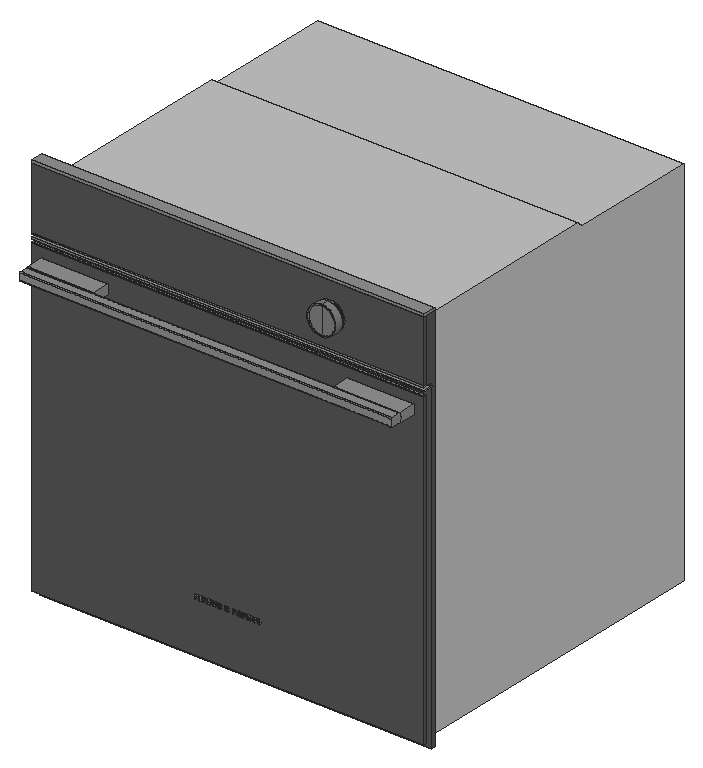
Revit family "FP-Revit20-en-OS60SDTDB1-SteamOven-0-9000XXXXA-CN", category Specialty Equipment, Revit 2020
Family settings
  Round Connector Dimension = Use Diameter
  Part Type = Normal
  OmniClass Number = 23.40.40.14.17.11
  OmniClass Title = Cookers, Ovens, Stoves
  Work Plane-Based = No
  Always vertical = Yes
  Cut with Voids When Loaded = Yes
  Shared = No
  Room Calculation Point = No
Parameters (values of type "OS60SDTDB1")
  Visibility - Clearance Required = yes
  URL = "www.fisherpaykel.com"
  Product - Height = 598 mm  # constant formula
  Product - Width = 596 mm  # constant formula
  Product - Depth (Exc. Handles) = 565 mm  # constant formula
  Opening - Height = 600 mm  # constant formula
  Model = "OS60SDTDB1"
  Material - Trim = Fisher & Paykel - Aluminium, Dark
  Material - Structure = Fisher & Paykel - Black
  Material - Handle = Fisher & Paykel - Aluminium, Dark
  Material - Glass = Fisher & Paykel - Glass, Black
  Material - Dial = Fisher & Paykel - Aluminium, Dark, Matt
  Material - Body = Fisher & Paykel - Grey
  Manufacturer = "Fisher & Paykel Appliances"
  FFL Offset [instance] = 900 mm
  Description = "Combination Steam Oven, 60cm, 23 Function"
  Default Elevation = 0 mm
  Connector Description - Electrical = "220-240V, 50Hz ,15A"
  Chassis - Width = 556 mm  # constant formula
  Chassis - Height = 575 mm  # constant formula
  Chassis - Depth = 545 mm  # constant formula
  Cavity - Width = 560 mm  # constant formula
  Cavity - Height = 580 mm  # constant formula
  Cavity - Depth = 550 mm  # constant formula
Reference planes
  plane 1 "Datum": y = 0
  plane 2: z = -2
  plane 3 "Center (Left/Right)": x = 0
  plane 4 "Product - LHS": x = -298
  plane 5 "Product - RHS": x = 298
  plane 6 "Cavity - RHS": x = 280
  plane 7 "FFL Offset": z = 898
  plane 8 "Chassis - Depth": y = 545
  plane 9 "Front Face": y = -20
  plane 10 "Chassis - Height": z = 1473
  plane 11 "Cavity - Height": z = 1478
  plane 12 "Opening - Height": z = 1498
  plane 13 "Cavity - LHS": x = -280
  plane 14 "Cavity - Depth": y = 550
  plane 15 "Product - Height": z = 1496
  plane 16 "Opening - RHS": x = 300
  plane 17 "Opening - LHS": x = -300
  plane 18 "Chassis - LHS": x = -278
  plane 19 "Chassis - RHS": x = 278
Forms (mm)
  Extrusion 1, solid, material "Fisher & Paykel - Grey" <- "Material - Body"
    sketch origin (0, 0, 0) x (0, 1, 0) y (0, 0, 1)
      loop
        line (0, 1473) -> (0, 898) -> (528, 898) -> (528, 1088) -> (545, 1108) -> (545, 1303) -> (498, 1358) -> (498, 1466) -> (305, 1466) -> (298, 1473) -> (0, 1473)
    from -278 to 278
  Extrusion 2, solid, material "Fisher & Paykel - Black" <- "Material - Structure", detail levels fine
    sketch origin (0, 0, 0) x (0, 1, 0) y (0, 0, 1)
      loop
        line (0, 1492.7) -> (-16, 1492.7) -> (-16, 1396) -> (-4, 1396) -> (-4, 898) -> (0, 898) -> (0, 1492.7)
    from -298 to 298
  Extrusion 3, solid, material "Fisher & Paykel - Glass, Black" <- "Material - Glass", detail levels fine
    sketch origin (0, 0, -3) x (0, 1, 0) y (0, 0, 1)
      loop
        line (-20, 1386.4) -> (-20, 912.5) -> (-16, 912.5) -> (-16, 1386.4) -> (-20, 1386.4)
      loop
        line (-20, 1400.8) -> (-16, 1400.8) -> (-16, 1495.7) -> (-20, 1495.7) -> (-20, 1400.8)
    from -298 to 298
  Extrusion 4, solid, material "Fisher & Paykel - Black" <- "Material - Structure", detail levels fine
    sketch origin (0, 0, 0) x (0, 1, 0) y (0, 0, 1)
      loop
        line (-16, 909.5) -> (-4, 909.5) -> (-4, 1380.364) -> (-13.99, 1384) -> (-16, 1384) -> (-16, 909.5)
    from -268 to 268
  Extrusion 5, solid, material "Fisher & Paykel - Clearance Required", visible <- "Visibility - Clearance Required", detail levels coarse
    sketch origin (0, 0, -2) x (1, 0, 0) y (0, 1, 0)
      loop
        line (-280, 0) -> (280, 0) -> (280, 550) -> (-280, 550) -> (-280, 0)
    from 900 to 1480
  Extrusion 6, void
    sketch origin (0, 0, 0) x (0, 1, 0) y (0, 0, 1)
      loop
        line (-20, 898) -> (0, 898) -> (0, 1498) -> (-20, 1498) -> (-20, 898)
    from -300 to 300
  Extrusion 7, solid, material "Fisher & Paykel - Grey" <- "Material - Body"
    sketch origin (0, 2, 0) x (0, 1, 0) y (0, 0, 1)
      loop
        line (496, 1433.999) -> (496, 1376) -> (517.999, 1376) -> (517.999, 1433.999) -> (496, 1433.999)
    from -221 to -128
  Extrusion 8, solid, material "Fisher & Paykel - Aluminium, Dark" <- "Material - Trim", detail levels fine
    sketch origin (0, 0, -1.199) x (0, 1, 0) y (0, 0, 1)
      loop
        line (-16, 1397.199) -> (-16, 1398.999) -> (-20, 1398.999) -> (-20, 1397.199) -> (-16, 1397.199)
      loop
        line (-16, 1384.599) -> (-16, 1386.199) -> (-20, 1386.199) -> (-20, 1384.599) -> (-16, 1384.599)
      loop
        line (-4, 1390.799) -> (-4, 1392.399) -> (-20, 1392.399) -> (-20, 1390.799) -> (-4, 1390.799)
      loop
        line (0, 1493.899) -> (0, 1497.199) -> (-20, 1497.199) -> (-20, 1493.899) -> (0, 1493.899)
    from -298 to 298
  Extrusion 9, void
    sketch origin (0, 0, -2) x (1, 0, 0) y (0, 1, 0)
      loop
        line (201.865, 545) -> (229, 498) -> (278, 498) -> (278, 545) -> (201.865, 545)
      loop
        line (-201.865, 545) -> (-278, 545) -> (-278, 498) -> (-229, 498) -> (-201.865, 545)
    from 900 to 1480
  Extrusion 10, solid, material "Fisher & Paykel - Grey" <- "Material - Body"
    sketch origin (0, 6.626, -14.403) x (0, 1, 0) y (0, 0, 1)
      loop
        circle (501.374, 1419.388) r 5
    from -271 to -221
  Extrusion 11, void
    sketch origin (0, 0, -2) x (1, 0, 0) y (0, 1, 0)
      loop
        line (-280, 0) -> (280, 0) -> (280, 550) -> (-280, 550) -> (-280, 0)
    from 900 to 1480
  Extrusion 12, solid, material "Fisher & Paykel - Glass, Black" <- "Material - Glass", detail levels coarse+medium
    sketch origin (0, 0, 0) x (0, 1, 0) y (0, 0, 1)
      loop
        line (0, 1496) -> (-20, 1496) -> (-20, 1396) -> (-4, 1396) -> (-4, 1391.2) -> (-4, 1380.364) -> (-13.99, 1384) -> (-16, 1384) -> (-16, 1385) -> (-20, 1385) -> (-20, 909.5) -> (-4, 909.5) -> (-4, 898) -> (0, 898) -> (0, 1496)
    from -298 to 298
  Extrusion 13, solid, material "Fisher & Paykel - Clearance Required", visible <- "Visibility - Clearance Required", detail levels coarse
    sketch origin (0, 0, 0) x (0, 1, 0) y (0, 0, 1)
      loop
        line (0, 898) -> (0, 1498) -> (-20, 1498) -> (-20, 1385)
        arc (-20, 1385) -> (-332.479, 1259.952) -> (-475.335, 955.203) r 458.415
        line (-475.335, 955.203) -> (-461.431, 954.484) -> (-463.168, 920.896) -> (-450.381, 920.235) -> (-448.645, 953.805) -> (-20, 931.639) -> (-20, 898) -> (0, 898)
    from -300 to 300
Cuts and joins
  Extrusion 9 cuts Extrusion 1
Text (mm)
  text "Due to ongoing product development, product details are subject to change without notice. \nPlease always refer to www.fisherpaykel.com for the most current product information. \n© Fisher & Paykel 2020" at (41.04, -613.295, 0), in view "Ref. Level (Plan)"
Dimensions and locks
  equal spacing: plane 4 "Product - LHS", plane 3 "Center (Left/Right)", plane 5 "Product - RHS"
  "Product - Width": plane 4 "Product - LHS" to plane 5 "Product - RHS"
  "FFL Offset": plane 7 "FFL Offset" to level
  locked: plane 9 "Front Face" to plane 1 "Datum" at 20
  "Cavity - Height": plane 11 "Cavity - Height" to plane 7 "FFL Offset"
  "Chassis - Height": plane 10 "Chassis - Height" to plane 7 "FFL Offset"
  "Cavity - Depth": plane 1 "Datum" to plane 14 "Cavity - Depth"
  "Cavity - Width": plane 13 "Cavity - LHS" to plane 6 "Cavity - RHS"
  Extrusion 6 to Extrusion 3 = 11.5 mm
  "Chassis - Depth": plane 1 "Datum" to plane 8 "Chassis - Depth"
  equal spacing: plane 13 "Cavity - LHS", plane 3 "Center (Left/Right)", plane 6 "Cavity - RHS"
  "Opening - Height": plane 7 "FFL Offset" to plane 12 "Opening - Height"
  "Product - Height": plane 7 "FFL Offset" to plane 15 "Product - Height"
  equal spacing: cut or joined group of Extrusion 1, Extrusion 9, plane 3 "Center (Left/Right)", cut or joined group of Extrusion 1, Extrusion 9
  "Chassis - Width": cut or joined group of Extrusion 1, Extrusion 9 to cut or joined group of Extrusion 1, Extrusion 9
  locked: plane 15 "Product - Height" to nested 2 at 506.195
  plane 9 "Front Face" to plane 8 "Chassis - Depth" = 565 mm
  locked: nested 1 to plane 15 "Product - Height" at 52.1
  locked: nested 3 to plane 15 "Product - Height" at 135
  aligned and locked: level to plane 2
  aligned and locked: plane 4 "Product - LHS" to Extrusion 3
  aligned and locked: Extrusion 3 to plane 5 "Product - RHS"
  aligned and locked: plane 4 "Product - LHS" to Extrusion 2
  aligned and locked: Extrusion 2 to plane 5 "Product - RHS"
  aligned and locked: Extrusion 1 to plane 7 "FFL Offset"
  aligned and locked: Extrusion 8 to plane 5 "Product - RHS"
  aligned and locked: Extrusion 8 to Extrusion 3
  aligned and locked: Extrusion 6 to Extrusion 3
  aligned and locked: Extrusion 3 to Extrusion 8
  aligned and locked: Extrusion 4 to Extrusion 3
  aligned and locked: Extrusion 4 to Extrusion 2
  aligned and locked: Extrusion 8 to plane 1 "Datum"
  aligned and locked: plane 9 "Front Face" to Extrusion 6
  aligned and locked: Extrusion 5 to plane 6 "Cavity - RHS"
  aligned and locked: Extrusion 10 to Extrusion 7
  aligned and locked: plane 11 "Cavity - Height" to Extrusion 5
  aligned and locked: Extrusion 6 to plane 12 "Opening - Height"
  aligned and locked: Extrusion 6 to Extrusion 2
  aligned and locked: Extrusion 8 to plane 15 "Product - Height"
  aligned and locked: Extrusion 8 to Extrusion 2
  aligned and locked: Extrusion 9 to Extrusion 1
  aligned and locked: Extrusion 5 to Extrusion 2
  aligned and locked: Extrusion 5 to Extrusion 9
  aligned and locked: Extrusion 5 to plane 7 "FFL Offset"
  aligned and locked: Extrusion 1 to Extrusion 9
  aligned and locked: Extrusion 12 sketch curve to plane 15 "Product - Height"
  aligned and locked: plane 11 "Cavity - Height" to Extrusion 11
  aligned and locked: Extrusion 2 to Extrusion 11
  aligned and locked: Extrusion 3 to Extrusion 4
  aligned and locked: Extrusion 12 to Extrusion 3
  aligned and locked: Extrusion 13 to plane 16 "Opening - RHS"
  aligned and locked: plane 17 "Opening - LHS" to Extrusion 13
Automatic sketch dimensions
  Extrusion 1 sketch curve to plane 1 "Datum" = 0 mm
  Extrusion 1 sketch curve to plane 10 "Chassis - Height" = 0 mm
  Extrusion 1 sketch curve to plane 7 "FFL Offset" = 0 mm
  Extrusion 1 sketch curve to plane 8 "Chassis - Depth" = 0 mm
  Extrusion 1 sketch curve to Extrusion 1 sketch curve = 7 mm
  Extrusion 1 sketch curve to plane 10 "Chassis - Height" = 7 mm
  Extrusion 1 sketch curve to Extrusion 1 sketch curve = 20 mm
  Extrusion 2 sketch curve to plane 7 "FFL Offset" = 0 mm
  Extrusion 2 sketch curve to plane 1 "Datum" = 0 mm
  plane 1 "Datum" to Extrusion 2 sketch curve = 4 mm
  Extrusion 2 sketch curve to plane 9 "Front Face" = 4 mm
  plane 15 "Product - Height" to Extrusion 2 sketch curve = 3.3 mm
  Extrusion 3 sketch curve to plane 9 "Front Face" = 0 mm  (x2)
  Extrusion 3 sketch curve to Extrusion 3 sketch curve = 4 mm  (x2)
  plane 7 "FFL Offset" to Extrusion 3 sketch curve = 11.5 mm
  Extrusion 3 sketch curve to Extrusion 3 sketch curve = 14.4 mm
  plane 15 "Product - Height" to Extrusion 3 sketch curve = 3.3 mm
  Extrusion 4 sketch curve to plane 9 "Front Face" = 4 mm
  Extrusion 4 sketch curve to Extrusion 4 sketch curve = 2.01 mm
  plane 1 "Datum" to Extrusion 4 sketch curve = 4 mm
  plane 7 "FFL Offset" to Extrusion 4 sketch curve = 11.5 mm
  Extrusion 4 sketch curve to Extrusion 4 sketch curve = 3.636 mm
  Extrusion 5 sketch curve to plane 13 "Cavity - LHS" = 0 mm
  Extrusion 5 sketch curve to plane 6 "Cavity - RHS" = 0 mm
  plane 1 "Datum" to Extrusion 5 sketch curve = 0 mm
  Extrusion 5 sketch curve to plane 14 "Cavity - Depth" = 0 mm
  Extrusion 6 sketch curve to plane 9 "Front Face" = 0 mm
  Extrusion 6 sketch curve to plane 1 "Datum" = 0 mm
  Extrusion 6 sketch curve to plane 7 "FFL Offset" = 0 mm
  plane 12 "Opening - Height" to Extrusion 6 sketch curve = 0 mm
  Extrusion 7 sketch curve to Extrusion 7 sketch curve = 21.999 mm
  Extrusion 8 sketch curve to plane 9 "Front Face" = 0 mm  (x4)
  Extrusion 8 sketch curve to plane 1 "Datum" = 0 mm
  plane 15 "Product - Height" to Extrusion 8 sketch curve = 0 mm
  Extrusion 8 sketch curve to Extrusion 8 sketch curve = 4 mm  (x2)
  plane 1 "Datum" to Extrusion 8 sketch curve = 4 mm
  plane 15 "Product - Height" to Extrusion 8 sketch curve = 3.3 mm
  Extrusion 8 sketch curve to Extrusion 8 sketch curve = 1.8 mm
  Extrusion 8 sketch curve to Extrusion 8 sketch curve = 4.8 mm
  Extrusion 8 sketch curve to Extrusion 8 sketch curve = 1.6 mm  (x2)
  Extrusion 8 sketch curve to Extrusion 8 sketch curve = 4.6 mm
  Extrusion 9 sketch curve to plane 8 "Chassis - Depth" = 0 mm  (x2)
  Extrusion 9 sketch curve to plane 13 "Cavity - LHS" = 2 mm
  Extrusion 9 sketch curve to Extrusion 9 sketch curve = 49 mm
  Extrusion 9 sketch curve to Extrusion 9 sketch curve = 27.135 mm
  plane 6 "Cavity - RHS" to Extrusion 9 sketch curve = 78.135 mm
  plane 6 "Cavity - RHS" to Extrusion 9 sketch curve = 51 mm
  plane 6 "Cavity - RHS" to Extrusion 9 sketch curve = 2 mm
  Extrusion 11 sketch curve to plane 13 "Cavity - LHS" = 0 mm
  Extrusion 11 sketch curve to plane 6 "Cavity - RHS" = 0 mm
  plane 1 "Datum" to Extrusion 11 sketch curve = 0 mm
  Extrusion 11 sketch curve to plane 14 "Cavity - Depth" = 0 mm
  Extrusion 7 sketch curve to plane 10 "Chassis - Height" = 39.001 mm
  Extrusion 1 sketch curve to Extrusion 1 sketch curve = 163 mm
  Extrusion 1 sketch curve to Extrusion 1 sketch curve = 55 mm
  Extrusion 2 sketch curve to plane 10 "Chassis - Height" = 77 mm
  Extrusion 3 sketch curve to plane 10 "Chassis - Height" = 89.6 mm
  Extrusion 4 sketch curve to plane 10 "Chassis - Height" = 92.636 mm
  Extrusion 7 sketch curve to Extrusion 7 sketch curve = 57.999 mm
  Extrusion 8 sketch curve to plane 10 "Chassis - Height" = 75.2 mm
  Extrusion 10 sketch curve to plane 10 "Chassis - Height" = 68.015 mm
  Extrusion 12 sketch curve to plane 9 "Front Face" = 0 mm  (x2)
  Extrusion 12 sketch curve to plane 7 "FFL Offset" = 0 mm
  Extrusion 12 sketch curve to plane 1 "Datum" = 0 mm
  Extrusion 12 sketch curve to plane 9 "Front Face" = 4 mm
  Extrusion 12 sketch curve to Extrusion 12 sketch curve = 2.01 mm
  plane 1 "Datum" to Extrusion 12 sketch curve = 4 mm  (x2)
  Extrusion 12 sketch curve to plane 10 "Chassis - Height" = 92.636 mm
  Extrusion 12 sketch curve to Extrusion 12 sketch curve = 3.636 mm
  Extrusion 12 sketch curve to Extrusion 12 sketch curve = 1 mm
  Extrusion 12 sketch curve to Extrusion 12 sketch curve = 10.836 mm
  Extrusion 12 sketch curve to Extrusion 12 sketch curve = 11 mm
  Extrusion 12 sketch curve to Extrusion 12 sketch curve = 11.5 mm
  Extrusion 1 sketch curve to Extrusion 1 sketch curve = 190 mm
  Extrusion 13 sketch curve to plane 9 "Front Face" = 0 mm  (x2)
  Extrusion 13 sketch curve to plane 1 "Datum" = 0 mm
  Extrusion 13 sketch curve to plane 7 "FFL Offset" = 0 mm
  plane 12 "Opening - Height" to Extrusion 13 sketch curve = 0 mm
  plane 7 "FFL Offset" to Extrusion 13 sketch curve = 55.805 mm
  plane 9 "Front Face" to Extrusion 13 sketch curve = 428.645 mm
  plane 7 "FFL Offset" to Extrusion 13 sketch curve = 22.235 mm
  Extrusion 13 sketch curve to Extrusion 13 sketch curve = 1.736 mm
  plane 7 "FFL Offset" to Extrusion 13 sketch curve = 56.484 mm
  Extrusion 13 sketch curve to Extrusion 13 sketch curve = 12.786 mm
  Extrusion 13 sketch curve to plane 9 "Front Face" = 2.186 mm
  Extrusion 13 sketch curve to Extrusion 13 sketch curve = 5.049 mm
  Extrusion 13 sketch curve to Extrusion 13 sketch curve = 13.904 mm
  Extrusion 1 sketch curve to plane 8 "Chassis - Depth" = 247 mm
  Extrusion 1 sketch curve to plane 8 "Chassis - Depth" = 47 mm
  Extrusion 1 sketch curve to plane 8 "Chassis - Depth" = 17 mm
  Extrusion 7 sketch curve to plane 8 "Chassis - Depth" = 47 mm
  Extrusion 9 sketch curve to plane 8 "Chassis - Depth" = 47 mm  (x2)
  Extrusion 10 sketch curve to plane 8 "Chassis - Depth" = 37 mm
  radius of Extrusion 10 sketch curve = 5 mm
Nested families
  nested 1: "F&P Dial Minimal Oven" at (155.3, -20, 1443.9), type "F&P Dial Minimal Oven"
  nested 2: "F&P Logo 100mm" at (0.044, -20, 987), type "Grey"
  nested 3: "F&P Handle Contemporary Square Fine OB60-24" at (0, -20, 1361.022), type "Aluminium Black"
Connectors
  electrical at (-271, 508, 1404.985), driven by "Connector Description - Electrical"
    settings: on Extrusion 10, index 1, voltage 230 V, apparent load 0 VA, apparent load phase1 0 VA, apparent load phase2 0 VA, apparent load phase3 0 VA, power factor 1, load classification "Other", number of poles 1, system type 30, power factor state 1, is connector primary yes, connector utility yes, sub classification motor no, connector description "220-240V, 50Hz ,15A"
Definition of nested family "F&P Dial Minimal Oven"
  Parameters (values of type "F&P Dial Minimal Oven")
    URL = "www.fisherpaykel.com"
    Material - Buttons and Dials = none
    Manufacturer = "Fisher & Paykel Appliances"
    Default Elevation = 0 mm
  Reference planes
    plane 1 "Center (Front/Back)": y = 0
    plane 2: z = 0
    plane 3 "Center (Left/Right)": x = 0
    plane 4: x = 0
    plane 5 "Dial": z = 0
  Forms (mm)
    Revolve 1, solid, material <- "Material - Buttons and Dials", detail levels fine
      sketch origin (0, 0, 0) x (0, 1, 0) y (0, 0, 1)
        loop
          line (-15.2, 0) -> (0, 0) -> (0, 22) -> (-0.8, 22) -> (-0.8, 18.5) -> (-4.2, 18.5) -> (-4.2, 20.136) -> (-4.7, 22) -> (-15.8, 22) -> (-15.8, 21.2) -> (-15.301, 20) -> (-15.301, 0)
        axis (-15.8, 0) -> (0, 0)
      angle from 0 to 360
    Revolve 2, solid, material <- "Material - Buttons and Dials", detail levels coarse+medium
      sketch origin (0, 0, 0) x (0, 1, 0) y (0, 0, 1)
        loop
          line (0, 18.5) -> (-4.2, 18.5) -> (-4.2, 22) -> (-15.8, 22) -> (-15.8, 0) -> (0, 0) -> (0, 18.5)
        axis (-15.8, 0) -> (0, 0)
      angle from 0 to 360
  Dimensions and locks
    aligned and locked: level to plane 2
Definition of nested family "F&P Logo 100mm"
  Parameters (values of type "Grey")
    URL = "www.fisherpaykel.com"
    Material - Logo = none
    Manufacturer = "Fisher & Paykel Appliances"
    Default Elevation = 0 mm
  Reference planes
    plane 1 "Center (Front/Back)": y = 0
    plane 2: z = 0
    plane 3 "Center (Left/Right)": x = 0
    plane 4 "Logo": z = 2.805
  Forms (mm)
    Extrusion 1, solid, material <- "Material - Logo", detail levels fine
      sketch origin (0, 0, 0) x (1, 0, 0) y (0, 0, 1)
        loop
          line (-50.044, 0) -> (-48.47, 0) -> (-48.47, 2.138) -> (-46.011, 2.138) -> (-46.011, 3.472) -> (-48.47, 3.472) -> (-48.47, 4.712) -> (-45.795, 4.712) -> (-45.795, 6.04) -> (-50.044, 6.04) -> (-50.044, 0)
        loop
          line (-42.804, 6.04) -> (-42.804, 0) -> (-41.23, 0) -> (-41.23, 6.04) -> (-42.804, 6.04)
        loop
          line (-30.724, 6.04) -> (-30.724, 0) -> (-29.151, 0) -> (-29.151, 2.42) -> (-26.839, 2.42) -> (-26.839, 0) -> (-25.265, 0) -> (-25.265, 6.04) -> (-26.839, 6.04) -> (-26.839, 3.748) -> (-29.151, 3.748) -> (-29.151, 6.04) -> (-30.724, 6.04)
        loop
          line (-21.906, 6.04) -> (-21.906, 0) -> (-17.602, 0) -> (-17.602, 1.328) -> (-20.347, 1.328) -> (-20.347, 2.42) -> (-17.838, 2.42) -> (-17.838, 3.748) -> (-20.347, 3.748) -> (-20.347, 4.712) -> (-17.602, 4.712) -> (-17.602, 6.04) -> (-21.906, 6.04)
        loop
          line (45.667, 6.04) -> (45.667, 0) -> (49.956, 0) -> (49.956, 1.328) -> (47.241, 1.328) -> (47.241, 6.04) -> (45.667, 6.04)
        loop
          line (42.431, 6.04) -> (38.112, 6.04) -> (38.112, 0) -> (42.431, 0) -> (42.431, 1.328) -> (39.687, 1.328) -> (39.687, 2.42) -> (42.195, 2.42) -> (42.195, 3.748) -> (39.687, 3.748) -> (39.687, 4.712) -> (42.431, 4.712) -> (42.431, 6.04)
        loop
          line (33.443, 3.137) -> (35.683, 6.04) -> (33.844, 6.04) -> (31.915, 3.542) -> (31.915, 6.04) -> (30.342, 6.04) -> (30.342, 0) -> (31.915, 0) -> (31.915, 2.705) -> (33.903, 0) -> (35.747, 0) -> (33.443, 3.137)
        loop
          line (21.98, 6.04) -> (24.262, 2.42) -> (24.262, 0) -> (25.837, 0) -> (25.837, 2.341) -> (28.119, 6.04) -> (26.446, 6.04) -> (25.099, 3.707) -> (23.753, 6.04) -> (21.98, 6.04)
        loop
          line (18.479, 6.04) -> (16.983, 6.04) -> (14.524, 0) -> (16.069, 0) -> (16.501, 1.112) -> (18.786, 1.112) -> (19.219, 0) -> (20.938, 0) -> (18.479, 6.04)
        loop
          line (18.4, 2.439) -> (17.693, 4.174) -> (17.018, 2.439) -> (18.4, 2.439)
        loop
          line (8.031, 6.04) -> (8.031, 0) -> (9.605, 0) -> (9.605, 1.938) -> (10.599, 1.938)
          arc (10.599, 1.938) -> (12.65, 3.989) -> (10.599, 6.04) r 2.051
          line (10.599, 6.04) -> (8.031, 6.04)
        loop
          line (9.605, 4.712) -> (9.605, 3.197) -> (10.501, 3.197)
          arc (10.501, 3.197) -> (11.259, 3.954) -> (10.501, 4.712) r 0.757
          line (10.501, 4.712) -> (9.605, 4.712)
        loop
          line (-11.783, 6.04) -> (-14.366, 6.04) -> (-14.366, 0) -> (-12.792, 0) -> (-12.792, 1.336) -> (-11.992, 1.336) -> (-10.972, 0) -> (-9.153, 0) -> (-10.694, 1.973)
          arc (-10.694, 1.973) -> (-9.678, 4.424) -> (-11.783, 6.04) r 2.179
        loop
          line (-11.897, 4.712) -> (-12.792, 4.712) -> (-12.792, 3.053) -> (-11.897, 3.053)
          arc (-11.897, 3.053) -> (-11.068, 3.882) -> (-11.897, 4.712) r 0.83
        loop
          line (0.477, 4.712) -> (0.477, 6.153) -> (-3.575, 6.153) -> (-3.575, 4.851) -> (-2.974, 4.112)
          arc (-2.974, 4.112) -> (-3.51, 0.684) -> (-0.045, 0.512) r 2.334
          line (-0.045, 0.512) -> (0.46, -0.109) -> (2.246, -0.109) -> (0.86, 1.594) -> (2.061, 3.324) -> (0.443, 3.324) -> (-0.013, 2.667) -> (-1.677, 4.712) -> (0.477, 4.712)
        loop
          arc (-2.125, 3.068) -> (-2.269, 1.668) -> (-0.868, 1.524) r 0.996
          line (-0.868, 1.524) -> (-2.125, 3.068)
        loop
          line (-35.18, 3.634) -> (-36.516, 3.91)
          arc (-36.516, 3.91) -> (-37.049, 4.443) -> (-36.516, 4.976) r 0.533
          arc (-36.516, 4.976) -> (-35.235, 4.79) -> (-34.059, 4.248) r 4.505
          line (-34.059, 4.248) -> (-34.059, 5.743)
          arc (-34.059, 5.743) -> (-35.549, 6.179) -> (-37.1, 6.109) r 4.726
          arc (-37.1, 6.109) -> (-38.536, 4.335) -> (-37.1, 2.561) r 1.814
          line (-37.1, 2.561) -> (-35.754, 2.282)
          arc (-35.754, 2.282) -> (-35.221, 1.749) -> (-35.754, 1.216) r 0.533
          arc (-35.754, 1.216) -> (-37.035, 1.402) -> (-38.211, 1.945) r 4.505
          line (-38.211, 1.945) -> (-38.211, 0.449)
          arc (-38.211, 0.449) -> (-36.72, 0.013) -> (-35.169, 0.083) r 4.726
          arc (-35.169, 0.083) -> (-33.734, 1.863) -> (-35.18, 3.634) r 1.814
      from 0 to 0.8
  Dimensions and locks
    aligned and locked: level to plane 2
Definition of nested family "F&P Handle Contemporary Square Fine OB60-24"
  Parameters (values of type "Aluminium Black")
    URL = "www.fisherpaykel.com"
    Material - Handle = none
    Manufacturer = "Fisher & Paykel Appliances"
    Handle - Length = 565 mm
    Default Elevation = 0 mm
  Reference planes
    plane 1 "Center (Front/Back)": y = 0
    plane 2: z = 0
    plane 3 "Center (Left/Right)": x = 0
    plane 4 "Product LHS": x = -282.5
    plane 5 "Product RHS": x = 282.5
    plane 6 "LHS Standoff": x = -182.495
    plane 7 "RHS Standoff": x = 182.505
    plane 8 "Handle centre": z = -0.022
    plane 9: z = -0.022
  Forms (mm)
    Extrusion 1, solid, material <- "Material - Handle", detail levels fine
      sketch origin (0, 0, 0) x (0, 1, 0) y (0, 0, 1)
        loop
          arc (-26.813, 6.16) -> (-27.196, 6.554) -> (-27.728, 6.686) r 1
          line (-27.728, 6.686) -> (-40.035, 6.256)
          arc (-40.035, 6.256) -> (-40.719, 5.951) -> (-41, 5.257) r 1
          line (-41, 5.257) -> (-41, -5.257)
          arc (-41, -5.257) -> (-40.719, -5.951) -> (-40.035, -6.256) r 1
          line (-40.035, -6.256) -> (-27.709, -6.686)
          arc (-27.709, -6.686) -> (-27.175, -6.554) -> (-26.792, -6.158) r 1
          arc (-26.792, -6.158) -> (-25.256, 0.004) -> (-26.813, 6.16) r 13.038
      from -282.5 to 282.5
    Extrusion 2, solid, material <- "Material - Handle", detail levels fine
      sketch origin (0, 0, 0) x (0, 1, 0) y (0, 0, 1)
        loop
          arc (-26.626, -6.008) -> (-26.614, -6.49) -> (-26.2, -6.737) r 0.5
          line (-26.2, -6.737) -> (0, -7.696) -> (0, 7.704) -> (-26.174, 6.747)
          arc (-26.174, 6.747) -> (-26.587, 6.5) -> (-26.6, 6.019) r 0.5
          arc (-26.6, 6.019) -> (-25.156, 0.002) -> (-26.626, -6.008) r 13.136
      from 182.505 to 282.5
    Extrusion 3, solid, material <- "Material - Handle", detail levels coarse+medium
      sketch origin (0, 0, 0) x (1, 0, 0) y (0, 1, 0)
        loop
          line (-282.5, -42) -> (282.5, -42) -> (282.5, 0) -> (182.505, 0) -> (182.505, -26.156) -> (-182.495, -26.156) -> (-182.495, 0) -> (-282.5, 0) -> (-282.5, -42)
      from -8.022 to 7.978
    Extrusion 4, solid, material <- "Material - Handle", detail levels fine
      sketch origin (0, 0, 0) x (0, 1, 0) y (0, 0, 1)
        loop
          arc (-26.626, -6.008) -> (-26.614, -6.49) -> (-26.2, -6.737) r 0.5
          line (-26.2, -6.737) -> (0, -7.696) -> (0, 7.704) -> (-26.174, 6.747)
          arc (-26.174, 6.747) -> (-26.587, 6.5) -> (-26.6, 6.019) r 0.5
          arc (-26.6, 6.019) -> (-25.156, 0.002) -> (-26.626, -6.008) r 13.136
      from -282.5 to -182.495
  Dimensions and locks
    equal spacing: plane 4 "Product LHS", plane 3 "Center (Left/Right)", plane 5 "Product RHS"
    "Handle - Length": plane 4 "Product LHS" to plane 5 "Product RHS"
    locked: plane 4 "Product LHS" to plane 6 "LHS Standoff" at 100.005
    locked: plane 7 "RHS Standoff" to plane 5 "Product RHS" at 99.995
    aligned and locked: level to plane 2
    aligned and locked: Extrusion 1 to plane 5 "Product RHS"
    aligned and locked: plane 4 "Product LHS" to Extrusion 1
    aligned and locked: Extrusion 2 to plane 5 "Product RHS"
    aligned and locked: plane 4 "Product LHS" to Extrusion 3 sketch curve
    aligned and locked: Extrusion 3 sketch curve to plane 5 "Product RHS"
    aligned and locked: Extrusion 3 sketch curve to plane 7 "RHS Standoff"
    aligned and locked: plane 6 "LHS Standoff" to Extrusion 3 sketch curve
    aligned and locked: plane 4 "Product LHS" to Extrusion 4
    aligned and locked: plane 6 "LHS Standoff" to Extrusion 4
    aligned and locked: Extrusion 2 to plane 7 "RHS Standoff"
  Automatic sketch dimensions
    Extrusion 1 sketch curve to level = 5.257 mm
    plane 1 "Center (Front/Back)" to Extrusion 1 sketch curve = 41 mm
    level to Extrusion 1 sketch curve = 6.256 mm
    Extrusion 1 sketch curve to Extrusion 1 sketch curve = 0.965 mm  (x2)
    Extrusion 1 sketch curve to level = 6.256 mm
    Extrusion 1 sketch curve to Extrusion 1 sketch curve = 0.035 mm  (x3)
    Extrusion 1 sketch curve to level = 0.018 mm
    Extrusion 1 sketch curve to Extrusion 1 sketch curve = 1.706 mm
    level to Extrusion 1 sketch curve = 6.686 mm
    Extrusion 1 sketch curve to Extrusion 1 sketch curve = 12.307 mm
    Extrusion 1 sketch curve to level = 6.686 mm
    Extrusion 1 sketch curve to Extrusion 1 sketch curve = 12.326 mm
    Extrusion 1 sketch curve to Extrusion 1 sketch curve = 0.999 mm  (x2)
    Extrusion 1 sketch curve to Extrusion 1 sketch curve = 0 mm
    Extrusion 2 sketch curve to plane 1 "Center (Front/Back)" = 0 mm
    level to Extrusion 2 sketch curve = 6.247 mm
    plane 1 "Center (Front/Back)" to Extrusion 2 sketch curve = 26.155 mm
    level to Extrusion 2 sketch curve = 6.747 mm
    Extrusion 2 sketch curve to Extrusion 2 sketch curve = 0.018 mm  (x2)
    Extrusion 2 sketch curve to level = 6.238 mm
    Extrusion 2 sketch curve to Extrusion 2 sketch curve = 0.026 mm
    Extrusion 2 sketch curve to level = 6.737 mm
    level to Extrusion 2 sketch curve = 0.03 mm
    Extrusion 2 sketch curve to Extrusion 2 sketch curve = 12.11 mm
    Extrusion 2 sketch curve to level = 7.696 mm
    level to Extrusion 2 sketch curve = 7.704 mm
    Extrusion 2 sketch curve to Extrusion 2 sketch curve = 0 mm
    plane 1 "Center (Front/Back)" to Extrusion 3 sketch curve = 42 mm
    Extrusion 3 sketch curve to Extrusion 3 sketch curve = 15.844 mm
    Extrusion 3 sketch curve to Extrusion 3 sketch curve = 26.156 mm  (x2)
    level to Extrusion 4 sketch curve = 0.03 mm
    plane 1 "Center (Front/Back)" to Extrusion 4 sketch curve = 38.291 mm
    Extrusion 4 sketch curve to level = 6.737 mm
    Extrusion 4 sketch curve to Extrusion 4 sketch curve = 12.091 mm
    Extrusion 4 sketch curve to Extrusion 4 sketch curve = 0.018 mm  (x2)
    level to Extrusion 4 sketch curve = 6.747 mm
    Extrusion 4 sketch curve to Extrusion 4 sketch curve = 0.008 mm
    level to Extrusion 4 sketch curve = 7.704 mm
    Extrusion 4 sketch curve to Extrusion 4 sketch curve = 26.174 mm
    Extrusion 4 sketch curve to level = 7.696 mm
    Extrusion 4 sketch curve to Extrusion 4 sketch curve = 0.5 mm  (x2)
    Extrusion 4 sketch curve to Extrusion 4 sketch curve = 0 mm
